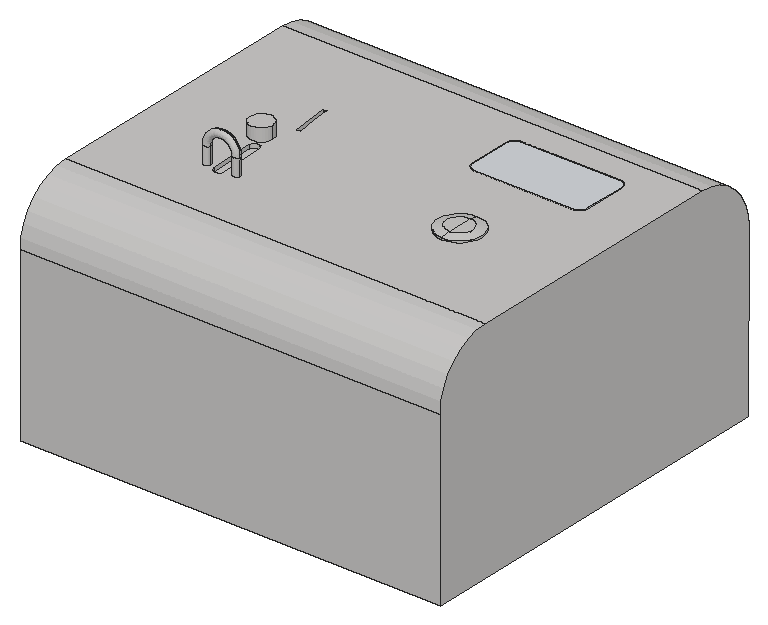
Revit family "PRD_FrankeWS_WtrSplySystmsCtrl_CoinOperatedController_AQUA802", category Electrical Equipment, host Face, Revit 2018
Family settings
  Host = Face
  Round Connector Dimension = Use Diameter
  Part Type = Equipment Switch
  OmniClass Number = 23.45.55.11
  OmniClass Title = Sanitary Components
  Cut with Voids When Loaded = No
  Shared = No
  Room Calculation Point = No
Parameters (values of type "AQUA802")
  WarrantyStartDate [instance] = "1900-12-31T23:59:59"
  WarrantyGuarantorParts = "n/a"
  WarrantyGuarantorLabor = "n/a"
  WarrantyDurationUnit = "year"
  WarrantyDurationParts = "n/a"
  WarrantyDurationLabor = "n/a"
  WarrantyDescription = "n/a"
  Voltage = NominalVoltage  # "24"
  Version = "1"
  UsageCurrent = 0 A
  Uniclass2015Version = "Systems v1.7"
  Uniclass2015Title = "Water supply control systems"
  Uniclass2015Code = "Ss_75_70_52_96"
  URL = "www.kwc.com"
  TagNumber [instance] = "n/a"
  SustainabilityPerformance = "n/a"
  Size = "240x220x130 mm"
  Shape = "n/a"
  SerialNumber [instance] = "n/a"
  SecondMaterial = none
  Revision = "n/a"
  ReplacementCost = "n/a"
  ProductInformation = "https://pim.kwc.com/product/2000100418/attachment/datasheet?locale=en"
  PhaseReference = "0"
  PhaseAngle = 0.00°
  NumberOfPoles = 1
  NominalWidth = 240 mm
  NominalVoltage = "24"
  NominalLength = 130 mm
  NominalHeight = 220 mm
  NominalFrequencyRange = "50"
  NominalCurrent = 0 A
  NetWeight = 3.526 kg
  Name = "Coin-operated controller AQUA802"
  NBSTypeID = "n/a"
  NBSReference = "75-75-50/110"
  NBSOfficeMasterTag = "n/a"
  NBSNote = "n/a"
  NBSDescription = "Water supply systems control"
  NBSCertification = "n/a"
  ModelReference = "AQUA802"
  ModelNumber = "2000100418"
  Model = ModelReference  # "AQUA802"
  Material = "n/a"
  ManufacturerURL = "www.kwc.com"
  ManufacturerName = "KWC Group AG"  # constant formula
  Manufacturer = ManufacturerName  # "KWC Group AG"
  InsulationStandardClass = "NotKnown"
  InstallationDate [instance] = "1900-12-31T23:59:59"
  IfcExportType = "NOTDEFINED"
  IfcExportAs = "IfcDistributionElement"
  IP_Code = "22"
  HasProtectiveEarth = yes
  GrossWeight = 3.974 kg
  Grade = "n/a"
  Finish = "n/a"
  Features = "n/a"
  ExpectedLife = "n/a"
  ElectricalDeviceNominalPower = 10 VA
  DurationUnit = "year"
  Description = "AQUAPAY coin-operated controller for chargeable water delivery for controlling 2 - 31 A3000 open shower fittings. Display for user guide and showing free showers, selectable via key. Shower duration for one token is selectable in steps of one second up to a total of 8 minutes, preset to 3 minutes. Automatic interruption of shower-duration when water is not being withdrawn. Rugged stainless steel housing for on-wall mounting with safety lock. 24 V DC. for tokens"
  Default Elevation = 1500 mm
  ControllerMaterial = PRD_AR_StainlessSteel_SatinFinished
  Constituents = "n/a"
  Color = "n/a"
  CodePerformance = "n/a"
  Category = "Ss_75_70_52_96, Water supply control systems"
  BarCode [instance] = "n/a"
  BIMObjectName = "PRD_AR_WaterSupplySystemsControl_CoinOperatedController_AQUA802"
  Author = "Archispace"  # constant formula
  AssetType = "Fixed"
  AssetIdentifier [instance] = "n/a"
  AccessibilityPerformance = "n/a"
Reference planes
  plane 1 "Center (Front/Back)": y = 0
  plane 2: z = 0
  plane 3 "Center (Left/Right)": x = 0
  plane 4: x = 57
Forms (mm)
  Extrusion 1, solid, material "PRD_AR_StainlessSteel_SatinFinished" <- "ControllerMaterial", detail levels fine
    sketch origin (0, 0, 0) x (0, 1, 0) y (0, 0, 1)
      loop
        line (-110, 0) -> (110, 0) -> (110, 97.5)
        arc (110, 97.5) -> (100.481, 120.481) -> (77.5, 130) r 32.5
        line (77.5, 130) -> (-77.5, 130)
        arc (-77.5, 130) -> (-100.481, 120.481) -> (-110, 97.5) r 32.5
        line (-110, 97.5) -> (-110, 0)
    from -120 to 120
  Extrusion 2, void
    sketch origin (0, 0, 0) x (1, 0, 0) y (0, 1, 0)
      loop
        line (85, 62) -> (29, 62)
        arc (29, 62) -> (25.464, 60.536) -> (24, 57) r 5
        line (24, 57) -> (24, 33)
        arc (24, 33) -> (25.464, 29.464) -> (29, 28) r 5
        line (29, 28) -> (85, 28)
        arc (85, 28) -> (88.536, 29.464) -> (90, 33) r 5
        line (90, 33) -> (90, 57)
        arc (90, 57) -> (88.536, 60.536) -> (85, 62) r 5
    from 128 to 130
  Extrusion 3, solid, material <- "SecondMaterial", detail levels fine
    sketch origin (0, 0, 0) x (1, 0, 0) y (0, 1, 0)
      loop
        line (29, 28) -> (85, 28)
        arc (85, 28) -> (88.536, 29.464) -> (90, 33) r 5
        line (90, 33) -> (90, 57)
        arc (90, 57) -> (88.536, 60.536) -> (85, 62) r 5
        line (85, 62) -> (29, 62)
        arc (29, 62) -> (25.464, 60.536) -> (24, 57) r 5
        line (24, 57) -> (24, 33)
        arc (24, 33) -> (25.464, 29.464) -> (29, 28) r 5
    from 128 to 130
  Extrusion 4, void
    sketch origin (0, 0, 0) x (1, 0, 0) y (0, 1, 0)
      loop
        line (-64.112, -16.808) -> (-62.978, -42.784)
        arc (-62.978, -42.784) -> (-59.85, -45.65) -> (-56.984, -42.522) r 3
        line (-56.984, -42.522) -> (-58.118, -16.547)
        arc (-58.118, -16.547) -> (-61.246, -13.68) -> (-64.112, -16.808) r 3
      loop
        line (-55.322, 19.454) -> (-56.45, 29.35) -> (-58.487, 29.118) -> (-55.996, 7.259) -> (-53.96, 7.491) -> (-55.322, 19.454)
    from 128 to 130
  Extrusion 5, solid, material "PRD_AR_StainlessSteel_SatinFinished" <- "ControllerMaterial", detail levels fine
    sketch origin (0, 0, 0) x (1, 0, 0) y (0, 1, 0)
      loop
        circle (-65.75, -5.65) r 6.5
    from 130 to 137
  Sweep 6, solid, material "PRD_AR_StainlessSteel_SatinFinished" <- "ControllerMaterial", detail levels fine
    path origin (0, -43, 1219.2) x (1, 0, 0) y (0, 0, 1)
      loop
        line (-70.5, -1089.2) -> (-70.5, -1079.7)
        arc (-70.5, -1079.7) -> (-60, -1069.2) -> (-49.5, -1079.7) r 10.5
        line (-49.5, -1079.7) -> (-49.5, -1089.2)
    profile origin (-70.5, -43, 134.75) x (-1, 0, 0) y (0, -1, 0)
      loop
        circle (-2, -2) r 2
  Extrusion 7, solid, material "PRD_AR_StainlessSteel_SatinFinished" <- "ControllerMaterial", detail levels medium
    sketch origin (0, 0, 0) x (0, 1, 0) y (0, 0, 1)
      loop
        arc (110, 97.5) -> (100.481, 120.481) -> (77.5, 130) r 32.5
        line (77.5, 130) -> (-77.5, 130)
        arc (-77.5, 130) -> (-100.481, 120.481) -> (-110, 97.5) r 32.5
        line (-110, 97.5) -> (-110, 0) -> (110, 0) -> (110, 97.5)
    from -120 to 120
  Extrusion 8, solid, material "PRD_AR_StainlessSteel_SatinFinished" <- "ControllerMaterial", detail levels coarse
    sketch origin (0, 0, 0) x (0, 1, 0) y (0, 0, 1)
      loop
        line (110, 0) -> (110, 130) -> (-110, 130) -> (-110, 0) -> (110, 0)
    from -120 to 120
  Revolve 9, solid, material "PRD_AR_StainlessSteel_SatinFinished" <- "ControllerMaterial", detail levels fine
    sketch origin (57, 62, 1219.2) x (0, 1, 0) y (0, 0, 1)
      loop
        line (-92, -1089.2) -> (-79.5, -1089.2) -> (-79.5, -1087.2) -> (-87, -1087.2) -> (-92, -1088.4) -> (-92, -1089.2)
      axis (-79.5, -1089.2) -> (-79.5, -1087.2)
    angle from 0 to 360
Cuts and joins
  Extrusion 2, Extrusion 4 cuts Extrusion 1
Dimensions and locks
  aligned and locked: plane 2 to host face
  aligned and locked: level to host face
Connectors
  electrical at (0, 0, 0), driven by "ElectricalDeviceNominalPower"
    settings: on Extrusion 1, index 1, voltage 24 V, apparent load 10 VA, apparent load phase1 0 VA, apparent load phase2 0 VA, apparent load phase3 0 VA, power factor 1, load classification "Other", number of poles 1, system type 30, power factor state 1, is connector primary yes, connector utility no, sub classification motor no, connector description ""
